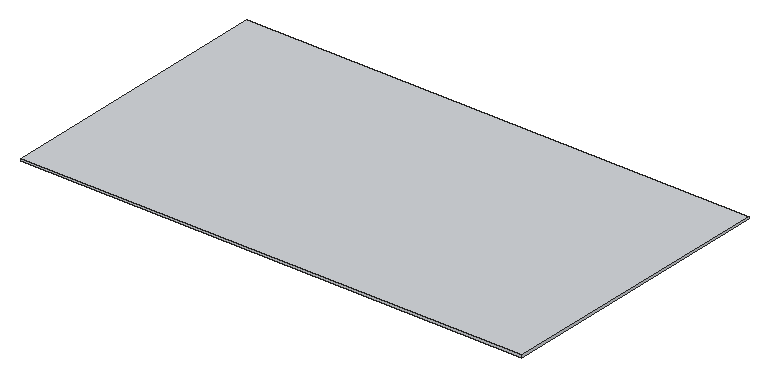
Revit family "LA2 Connected Rings", category Lighting Fixtures, host Face, Revit 2014 (continued)
Nested families (in)
  nested 5: "la2-connect canopy" at (5.54331, 92.83465, -1.428) x (0.9982, -0.0596, 0) z (0, 0, 1), visible <- "16", type "la2-connect canopy"
  nested 6: "la2-connect canopy" at (83.16882, 41.61668, -1.428) x (0.4475, -0.8943, 0) z (0, 0, 1), visible <- "16", type "la2-connect canopy"
  nested 7: "la2-connect canopy" at (77.62551, -51.21797, -1.428) x (-0.5507, -0.8347, 0) z (0, 0, 1), visible <- "16", type "la2-connect canopy"
  nested 8: "la2-connect canopy" at (-5.54331, -92.83465, -1.428) x (-0.9982, 0.0596, 0) z (0, 0, 1), visible <- "16", type "la2-connect canopy"
  nested 9: "la2-connect canopy" at (-83.16882, -41.61668, -1.428) x (-0.4475, 0.8943, 0) z (0, 0, 1), visible <- "16", type "la2-connect canopy"
  nested 10: "la2-connect canopy" at (-77.62551, 51.21797, -1.428) x (0.5507, 0.8347, 0) z (0, 0, 1), visible <- "16", type "la2-connect canopy"
  nested 11: "la2-connect canopy" at (20.28667, -78.41844, -1.428) x (-0.5507, -0.8347, 0) z (0, 0, 1), visible <- "14", type "la2-connect canopy"
  nested 12: "la2-connect canopy" at (-78.41844, -20.28667, -1.428) x (-0.8347, 0.5507, 0) z (0, 0, 1), visible <- "14", type "la2-connect canopy"
  nested 13: "la2-connect canopy" at (-20.28667, 78.41844, -1.428) x (0.5507, 0.8347, 0) z (0, 0, 1), visible <- "14", type "la2-connect canopy"
  nested 14: "la2-connect canopy" at (78.41844, 20.28667, -1.428) x (0.8347, -0.5507, 0) z (0, 0, 1), visible <- "14", type "la2-connect canopy"
  nested 15: "la2-connect canopy" at (17.88847, -66.64085, -1.428) x (-0.5507, -0.8347, 0) z (0, 0, 1), visible <- "12'", type "la2-connect canopy"
  nested 16: "la2-connect canopy" at (-66.64085, -17.88847, -1.428) x (-0.8347, 0.5507, 0) z (0, 0, 1), visible <- "12'", type "la2-connect canopy"
  nested 17: "la2-connect canopy" at (-17.88847, 66.64085, -1.428) x (0.5507, 0.8347, 0) z (0, 0, 1), visible <- "12'", type "la2-connect canopy"
  nested 18: "la2-connect canopy" at (66.64085, 17.88847, -1.428) x (0.8347, -0.5507, 0) z (0, 0, 1), visible <- "12'", type "la2-connect canopy"
  nested 19: "la2-connect canopy" at (14.77743, -55.05114, -1.428) x (-0.5507, -0.8347, 0) z (0, 0, 1), visible <- "10'", type "la2-connect canopy"
  nested 20: "la2-connect canopy" at (-55.05114, -14.77743, -1.428) x (-0.8347, 0.5507, 0) z (0, 0, 1), visible <- "10'", type "la2-connect canopy"
  nested 21: "la2-connect canopy" at (-14.77743, 55.05114, -1.428) x (0.5507, 0.8347, 0) z (0, 0, 1), visible <- "10'", type "la2-connect canopy"
  nested 22: "la2-connect canopy" at (55.05114, 14.77743, -1.428) x (0.8347, -0.5507, 0) z (0, 0, 1), visible <- "10'", type "la2-connect canopy"
  nested 23: "la2-connect canopy" at (11.62147, -43.47355, -1.428) x (-0.5508, -0.8346, 0) z (0, 0, 1), visible <- "8'", type "la2-connect canopy"
  nested 24: "la2-connect canopy" at (-11.62147, 43.47355, -1.428) x (0.5508, 0.8346, 0) z (0, 0, 1), visible <- "8'", type "la2-connect canopy"
  nested 25: "la2-connect canopy" at (-16.49627, 28.47046, -1.428) x (0.5508, 0.8346, 0) z (0, 0, 1), visible <- "6'", type "la2-connect canopy"
  nested 26: "la2-connect canopy" at (16.49627, -28.47046, -1.428) x (-0.5508, -0.8346, 0) z (0, 0, 1), visible <- "6'", type "la2-connect canopy"
Definition of nested family "LA2"
  Parameters (values of type "8'")
    Shade = 3form Varia Ecoresin
    Diffuser = White Opal Acrylic
    8' = no
    6' = no
    10' = yes
  Reference planes (in)
    plane 1 "Center (Front/Back)": y = 0
    plane 2: z = 0
    plane 3 "Center (Left/Right)": x = 0
  Forms (in)
    Extrusion 1, solid, material "3form Varia Ecoresin" <- "Shade", visible <- "6'", detail levels medium+fine
      sketch origin (0, 0, -66.3845) x (1, 0, 0) y (0, 1, 0)
        loop
          arc (-31.1256, -18.08859) -> (-18.01326, -31.16925) -> (-0.133, -35.99975) r 36
          arc (-0.133, -35.99975) -> (-0.09975, -35.98609) -> (-0.08595, -35.95288) r 0.04688
          line (-0.08595, -35.95288) -> (-0.08595, -35.54551)
          arc (-0.08595, -35.54551) -> (0, -35.45955) -> (0.08595, -35.54551) r 0.08595
          line (0.08595, -35.54551) -> (0.08595, -35.95288)
          arc (0.08595, -35.95288) -> (0.09975, -35.98609) -> (0.133, -35.99975) r 0.04688
          arc (0.133, -35.99975) -> (17.34548, -31.54575) -> (30.32722, -19.39741) r 36
          arc (30.32722, -19.39741) -> (34.53399, -10.16876) -> (35.99975, -0.133) r 36
          arc (35.99975, -0.133) -> (35.98609, -0.09975) -> (35.95288, -0.08595) r 0.04688
          line (35.95288, -0.08595) -> (35.54551, -0.08595)
          arc (35.54551, -0.08595) -> (35.45955, 0) -> (35.54551, 0.08595) r 0.08595
          line (35.54551, 0.08595) -> (35.95288, 0.08595)
          arc (35.95288, 0.08595) -> (35.98609, 0.09975) -> (35.99975, 0.133) r 0.04688
          arc (35.99975, 0.133) -> (25.45584, 25.45584) -> (0.133, 35.99975) r 36
          arc (0.133, 35.99975) -> (0.09975, 35.98609) -> (0.08595, 35.95288) r 0.04688
          line (0.08595, 35.95288) -> (0.08595, 35.54551)
          arc (0.08595, 35.54551) -> (0, 35.45955) -> (-0.08595, 35.54551) r 0.08595
          line (-0.08595, 35.54551) -> (-0.08595, 35.95288)
          arc (-0.08595, 35.95288) -> (-0.09975, 35.98609) -> (-0.133, 35.99975) r 0.04688
          arc (-0.133, 35.99975) -> (-25.45584, 25.45584) -> (-35.99975, 0.133) r 36
          arc (-35.99975, 0.133) -> (-35.98609, 0.09975) -> (-35.95288, 0.08595) r 0.04688
          line (-35.95288, 0.08595) -> (-35.54551, 0.08595)
          arc (-35.54551, 0.08595) -> (-35.45955, 0) -> (-35.54551, -0.08595) r 0.08595
          line (-35.54551, -0.08595) -> (-35.95288, -0.08595)
          arc (-35.95288, -0.08595) -> (-35.98609, -0.09975) -> (-35.99975, -0.133) r 0.04688
          arc (-35.99975, -0.133) -> (-34.74268, -9.43111) -> (-31.1256, -18.08859) r 36
        loop
          arc (-0.13224, 29.99971) -> (-21.21293, 21.21347) -> (-29.99971, 0.133) r 30
          arc (-29.99971, 0.133) -> (-30.01351, 0.09961) -> (-30.04658, 0.08595) r 0.04688
          line (-30.04658, 0.08595) -> (-30.45395, 0.08595)
          arc (-30.45395, 0.08595) -> (-30.5399, 0) -> (-30.45395, -0.08595) r 0.08595
          line (-30.45395, -0.08595) -> (-30.04658, -0.08595)
          arc (-30.04658, -0.08595) -> (-30.01351, -0.09961) -> (-29.99971, -0.13262) r 0.04688
          arc (-29.99971, -0.13262) -> (-28.88389, -8.10686) -> (-25.68715, -15.49743) r 30
          arc (-25.68715, -15.49743) -> (-14.80706, -26.0912) -> (-0.133, -29.99971) r 30
          arc (-0.133, -29.99971) -> (-0.09961, -30.01351) -> (-0.08595, -30.04658) r 0.04688
          line (-0.08595, -30.04658) -> (-0.08595, -30.45395)
          arc (-0.08595, -30.45395) -> (0, -30.5399) -> (0.08595, -30.45395) r 0.08595
          line (0.08595, -30.45395) -> (0.08595, -30.04658)
          arc (0.08595, -30.04658) -> (0.09961, -30.01351) -> (0.13262, -29.99971) r 0.04688
          arc (0.13262, -29.99971) -> (14.2583, -26.39509) -> (25.01678, -16.5578) r 30
          arc (25.01678, -16.5578) -> (28.70796, -8.70937) -> (29.99971, -0.133) r 30
          arc (29.99971, -0.133) -> (30.01351, -0.09961) -> (30.04658, -0.08595) r 0.04688
          line (30.04658, -0.08595) -> (30.45395, -0.08595)
          arc (30.45395, -0.08595) -> (30.5399, 0) -> (30.45395, 0.08595) r 0.08595
          line (30.45395, 0.08595) -> (30.04658, 0.08595)
          arc (30.04658, 0.08595) -> (30.01351, 0.09961) -> (29.99971, 0.13262) r 0.04688
          arc (29.99971, 0.13262) -> (21.21293, 21.21347) -> (0.13224, 29.99971) r 30
          arc (0.13224, 29.99971) -> (0.09961, 30.01351) -> (0.08595, 30.04658) r 0.04688
          line (0.08595, 30.04658) -> (0.08595, 30.45395)
          arc (0.08595, 30.45395) -> (0, 30.5399) -> (-0.08595, 30.45395) r 0.08595
          line (-0.08595, 30.45395) -> (-0.08595, 30.04658)
          arc (-0.08595, 30.04658) -> (-0.09961, 30.01351) -> (-0.13224, 29.99971) r 0.04688
        loop
          arc (35.87438, 0.21095) -> (25.36746, 25.36746) -> (0.21095, 35.87438) r 35.875
          line (0.21095, 35.87438) -> (0.21095, 35.54551)
          arc (0.21095, 35.54551) -> (0, 35.33455) -> (-0.21095, 35.54551) r 0.21095
          line (-0.21095, 35.54551) -> (-0.21095, 35.87438)
          arc (-0.21095, 35.87438) -> (-25.36746, 25.36746) -> (-35.87438, 0.21095) r 35.875
          line (-35.87438, 0.21095) -> (-35.54551, 0.21095)
          arc (-35.54551, 0.21095) -> (-35.33455, 0) -> (-35.54551, -0.21095) r 0.21095
          line (-35.54551, -0.21095) -> (-35.87438, -0.21095)
          arc (-35.87438, -0.21095) -> (-25.36746, -25.36746) -> (-0.21095, -35.87438) r 35.875
          line (-0.21095, -35.87438) -> (-0.21095, -35.54551)
          arc (-0.21095, -35.54551) -> (0, -35.33455) -> (0.21095, -35.54551) r 0.21095
          line (0.21095, -35.54551) -> (0.21095, -35.87438)
          arc (0.21095, -35.87438) -> (25.36746, -25.36746) -> (35.87438, -0.21095) r 35.875
          line (35.87438, -0.21095) -> (35.54551, -0.21095)
          arc (35.54551, -0.21095) -> (35.33455, 0) -> (35.54551, 0.21095) r 0.21095
          line (35.54551, 0.21095) -> (35.87438, 0.21095)
        loop
          arc (30.12426, 0.21095) -> (21.30159, 21.30159) -> (0.21095, 30.12426) r 30.125
          line (0.21095, 30.12426) -> (0.21095, 30.45395)
          arc (0.21095, 30.45395) -> (0, 30.6649) -> (-0.21095, 30.45395) r 0.21095
          line (-0.21095, 30.45395) -> (-0.21095, 30.12426)
          arc (-0.21095, 30.12426) -> (-21.30159, 21.30159) -> (-30.12426, 0.21095) r 30.125
          line (-30.12426, 0.21095) -> (-30.45395, 0.21095)
          arc (-30.45395, 0.21095) -> (-30.6649, 0) -> (-30.45395, -0.21095) r 0.21095
          line (-30.45395, -0.21095) -> (-30.12426, -0.21095)
          arc (-30.12426, -0.21095) -> (-21.30159, -21.30159) -> (-0.21095, -30.12426) r 30.125
          line (-0.21095, -30.12426) -> (-0.21095, -30.45395)
          arc (-0.21095, -30.45395) -> (0, -30.6649) -> (0.21095, -30.45395) r 0.21095
          line (0.21095, -30.45395) -> (0.21095, -30.12426)
          arc (0.21095, -30.12426) -> (14.35174, -26.48666) -> (25.12101, -16.6268) r 30.125
          arc (25.12101, -16.6268) -> (28.81632, -8.78269) -> (30.12426, -0.21095) r 30.125
          line (30.12426, -0.21095) -> (30.45395, -0.21095)
          arc (30.45395, -0.21095) -> (30.6649, 0) -> (30.45395, 0.21095) r 0.21095
          line (30.45395, 0.21095) -> (30.12426, 0.21095)
      from 66.43137 to 74.33762
    Extrusion 2, solid, material "3form Varia Ecoresin" <- "Shade", visible <- "8'", detail levels medium+fine
      sketch origin (0, 0, -66.3845) x (1, 0, 0) y (0, 1, 0)
        loop
          arc (-41.48027, -24.15341) -> (-24, -41.56922) -> (-0.17734, -47.99967) r 48
          arc (-0.17734, -47.99967) -> (-0.13299, -47.98145) -> (-0.11461, -47.93717) r 0.0625
          line (-0.11461, -47.93717) -> (-0.11461, -47.39401)
          arc (-0.11461, -47.39401) -> (0, -47.27941) -> (0.11461, -47.39401) r 0.11461
          line (0.11461, -47.39401) -> (0.11461, -47.93717)
          arc (0.11461, -47.93717) -> (0.13299, -47.98145) -> (0.17734, -47.99967) r 0.0625
          arc (0.17734, -47.99967) -> (23.12731, -42.061) -> (40.4363, -25.86321) r 48
          arc (40.4363, -25.86321) -> (40.9672, -25.01376) -> (41.48027, -24.15341) r 48
          arc (41.48027, -24.15341) -> (41.48666, -24.1059) -> (41.45751, -24.06784) r 0.0625
          line (41.45751, -24.06784) -> (40.98712, -23.79626)
          arc (40.98712, -23.79626) -> (40.94517, -23.6397) -> (41.10172, -23.59775) r 0.11461
          line (41.10172, -23.59775) -> (41.57211, -23.86933)
          arc (41.57211, -23.86933) -> (41.61965, -23.87555) -> (41.6576, -23.84626) r 0.0625
          arc (41.6576, -23.84626) -> (46.23307, -12.90361) -> (47.98566, -1.1731) r 48
          arc (47.98566, -1.1731) -> (46.53462, 11.76984) -> (41.6576, 23.84626) r 48
          arc (41.6576, 23.84626) -> (41.61965, 23.87555) -> (41.57211, 23.86933) r 0.0625
          line (41.57211, 23.86933) -> (41.10172, 23.59775)
          arc (41.10172, 23.59775) -> (40.94517, 23.6397) -> (40.98712, 23.79626) r 0.11461
          line (40.98712, 23.79626) -> (41.45751, 24.06784)
          arc (41.45751, 24.06784) -> (41.48666, 24.1059) -> (41.48027, 24.15341) r 0.0625
          arc (41.48027, 24.15341) -> (24, 41.56922) -> (0.17734, 47.99967) r 48
          arc (0.17734, 47.99967) -> (0.13299, 47.98145) -> (0.11461, 47.93717) r 0.0625
          line (0.11461, 47.93717) -> (0.11461, 47.39401)
          arc (0.11461, 47.39401) -> (0, 47.27941) -> (-0.11461, 47.39401) r 0.11461
          line (-0.11461, 47.39401) -> (-0.11461, 47.93717)
          arc (-0.11461, 47.93717) -> (-0.13299, 47.98145) -> (-0.17734, 47.99967) r 0.0625
          arc (-0.17734, 47.99967) -> (-24, 41.56922) -> (-41.48027, 24.15341) r 48
          arc (-41.48027, 24.15341) -> (-41.48666, 24.1059) -> (-41.45751, 24.06784) r 0.0625
          line (-41.45751, 24.06784) -> (-40.98712, 23.79626)
          arc (-40.98712, 23.79626) -> (-40.94517, 23.6397) -> (-41.10172, 23.59775) r 0.11461
          line (-41.10172, 23.59775) -> (-41.57211, 23.86933)
          arc (-41.57211, 23.86933) -> (-41.61965, 23.87555) -> (-41.6576, 23.84626) r 0.0625
          arc (-41.6576, 23.84626) -> (-46.43617, 12.15245) -> (-47.99847, -0.38306) r 48
          arc (-47.99847, -0.38306) -> (-46.33771, -12.52264) -> (-41.6576, -23.84626) r 48
          arc (-41.6576, -23.84626) -> (-41.61965, -23.87555) -> (-41.57211, -23.86933) r 0.0625
          line (-41.57211, -23.86933) -> (-41.10172, -23.59775)
          arc (-41.10172, -23.59775) -> (-40.94517, -23.6397) -> (-40.98712, -23.79626) r 0.11461
          line (-40.98712, -23.79626) -> (-41.45751, -24.06784)
          arc (-41.45751, -24.06784) -> (-41.48666, -24.1059) -> (-41.48027, -24.15341) r 0.0625
        loop
          arc (-0.18514, 41.99959) -> (-20.99954, 36.37333) -> (-36.27961, 21.16105) r 42
          arc (-36.27961, 21.16105) -> (-36.31972, 21.13023) -> (-36.36937, 21.13682) r 0.06563
          line (-36.36937, 21.13682) -> (-36.86328, 21.42198)
          arc (-36.86328, 21.42198) -> (-37.02767, 21.37793) -> (-36.98362, 21.21355) r 0.12034
          line (-36.98362, 21.21355) -> (-36.48971, 20.92839)
          arc (-36.48971, 20.92839) -> (-36.45917, 20.88868) -> (-36.46555, 20.839) r 0.06563
          arc (-36.46555, 20.839) -> (-40.63976, 10.60235) -> (-41.99838, -0.36832) r 42
          arc (-41.99838, -0.36832) -> (-40.54508, -10.95885) -> (-36.46528, -20.83946) r 42
          arc (-36.46528, -20.83946) -> (-36.45917, -20.88868) -> (-36.48971, -20.92839) r 0.06563
          line (-36.48971, -20.92839) -> (-36.98362, -21.21355)
          arc (-36.98362, -21.21355) -> (-37.02767, -21.37793) -> (-36.86328, -21.42198) r 0.12034
          line (-36.86328, -21.42198) -> (-36.36937, -21.13682)
          arc (-36.36937, -21.13682) -> (-36.31972, -21.13023) -> (-36.27987, -21.16059) r 0.06563
          arc (-36.27987, -21.16059) -> (-36.12207, -21.42885) -> (-35.96201, -21.6964) r 42
          arc (-35.96201, -21.6964) -> (-20.97495, -36.38752) -> (-0.7508, -41.99329) r 42
          arc (-0.7508, -41.99329) -> (-0.46798, -41.99739) -> (-0.18514, -41.99959) r 42
          arc (-0.18514, -41.99959) -> (-0.13946, -42.01891) -> (-0.12034, -42.06521) r 0.06563
          line (-0.12034, -42.06521) -> (-0.12034, -42.63553)
          arc (-0.12034, -42.63553) -> (0, -42.75587) -> (0.12034, -42.63553) r 0.12034
          line (0.12034, -42.63553) -> (0.12034, -42.06521)
          arc (0.12034, -42.06521) -> (0.13946, -42.01891) -> (0.18567, -41.99959) r 0.06563
          arc (0.18567, -41.99959) -> (19.96162, -36.95313) -> (35.02349, -23.18093) r 42
          arc (35.02349, -23.18093) -> (35.66585, -22.17988) -> (36.27961, -21.16105) r 42
          arc (36.27961, -21.16105) -> (36.31972, -21.13023) -> (36.36937, -21.13682) r 0.06563
          line (36.36937, -21.13682) -> (36.86328, -21.42198)
          arc (36.86328, -21.42198) -> (37.02767, -21.37793) -> (36.98362, -21.21355) r 0.12034
          line (36.98362, -21.21355) -> (36.48971, -20.92839)
          arc (36.48971, -20.92839) -> (36.45917, -20.88868) -> (36.46555, -20.839) r 0.06563
          arc (36.46555, -20.839) -> (40.60587, -10.73144) -> (41.99988, 0.1014) r 42
          arc (41.99988, 0.1014) -> (40.5797, 10.82995) -> (36.46528, 20.83946) r 42
          arc (36.46528, 20.83946) -> (36.45917, 20.88868) -> (36.48971, 20.92839) r 0.06563
          line (36.48971, 20.92839) -> (36.98362, 21.21355)
          arc (36.98362, 21.21355) -> (37.02767, 21.37793) -> (36.86328, 21.42198) r 0.12034
          line (36.86328, 21.42198) -> (36.36937, 21.13682)
          arc (36.36937, 21.13682) -> (36.31972, 21.13023) -> (36.27987, 21.16059) r 0.06563
          arc (36.27987, 21.16059) -> (20.99954, 36.37333) -> (0.18514, 41.99959) r 42
          arc (0.18514, 41.99959) -> (0.13946, 42.01891) -> (0.12034, 42.06521) r 0.06563
          line (0.12034, 42.06521) -> (0.12034, 42.63553)
          arc (0.12034, 42.63553) -> (0, 42.75587) -> (-0.12034, 42.63553) r 0.12034
          line (-0.12034, 42.63553) -> (-0.12034, 42.06521)
          arc (-0.12034, 42.06521) -> (-0.13946, 42.01891) -> (-0.18514, 41.99959) r 0.06563
        loop
          arc (-0.23961, 47.8744) -> (-23.9375, 41.46097) -> (-41.34064, 24.14471) r 47.875
          line (-41.34064, 24.14471) -> (-40.92462, 23.90451)
          arc (-40.92462, 23.90451) -> (-40.83691, 23.5772) -> (-41.16422, 23.4895) r 0.23961
          line (-41.16422, 23.4895) -> (-41.58025, 23.72969)
          arc (-41.58025, 23.72969) -> (-47.875, 0) -> (-41.58025, -23.72969) r 47.875
          line (-41.58025, -23.72969) -> (-41.16422, -23.4895)
          arc (-41.16422, -23.4895) -> (-40.83691, -23.5772) -> (-40.92462, -23.90451) r 0.23961
          line (-40.92462, -23.90451) -> (-41.34064, -24.14471)
          arc (-41.34064, -24.14471) -> (-23.9375, -41.46097) -> (-0.23961, -47.8744) r 47.875
          line (-0.23961, -47.8744) -> (-0.23961, -47.39401)
          arc (-0.23961, -47.39401) -> (0, -47.15441) -> (0.23961, -47.39401) r 0.23961
          line (0.23961, -47.39401) -> (0.23961, -47.8744)
          arc (0.23961, -47.8744) -> (23.9375, -41.46097) -> (41.34064, -24.14471) r 47.875
          line (41.34064, -24.14471) -> (40.92462, -23.90451)
          arc (40.92462, -23.90451) -> (40.83691, -23.5772) -> (41.16422, -23.4895) r 0.23961
          line (41.16422, -23.4895) -> (41.58025, -23.72969)
          arc (41.58025, -23.72969) -> (47.875, 0) -> (41.58025, 23.72969) r 47.875
          line (41.58025, 23.72969) -> (41.16422, 23.4895)
          arc (41.16422, 23.4895) -> (40.83691, 23.5772) -> (40.92462, 23.90451) r 0.23961
          line (40.92462, 23.90451) -> (41.34064, 24.14471)
          arc (41.34064, 24.14471) -> (23.9375, 41.46097) -> (0.23961, 47.8744) r 47.875
          line (0.23961, 47.8744) -> (0.23961, 47.39401)
          arc (0.23961, 47.39401) -> (0, 47.15441) -> (-0.23961, 47.39401) r 0.23961
          line (-0.23961, 47.39401) -> (-0.23961, 47.8744)
        loop
          arc (-36.60337, 20.84967) -> (-42.125, 0) -> (-36.60337, -20.84967) r 42.125
          line (-36.60337, -20.84967) -> (-37.04612, -21.1053)
          arc (-37.04612, -21.1053) -> (-37.13592, -21.44043) -> (-36.80078, -21.53023) r 0.24534
          line (-36.80078, -21.53023) -> (-36.35803, -21.27461)
          arc (-36.35803, -21.27461) -> (-21.0625, -36.48132) -> (-0.24534, -42.12429) r 42.125
          line (-0.24534, -42.12429) -> (-0.24534, -42.63553)
          arc (-0.24534, -42.63553) -> (0, -42.88087) -> (0.24534, -42.63553) r 0.24534
          line (0.24534, -42.63553) -> (0.24534, -42.12429)
          arc (0.24534, -42.12429) -> (21.0625, -36.48132) -> (36.35803, -21.27461) r 42.125
          line (36.35803, -21.27461) -> (36.80078, -21.53023)
          arc (36.80078, -21.53023) -> (37.13592, -21.44043) -> (37.04612, -21.1053) r 0.24534
          line (37.04612, -21.1053) -> (36.60337, -20.84967)
          arc (36.60337, -20.84967) -> (42.125, 0) -> (36.60337, 20.84967) r 42.125
          line (36.60337, 20.84967) -> (37.04612, 21.1053)
          arc (37.04612, 21.1053) -> (37.13592, 21.44043) -> (36.80078, 21.53023) r 0.24534
          line (36.80078, 21.53023) -> (36.35803, 21.27461)
          arc (36.35803, 21.27461) -> (21.0625, 36.48132) -> (0.24534, 42.12429) r 42.125
          line (0.24534, 42.12429) -> (0.24534, 42.63553)
          arc (0.24534, 42.63553) -> (0, 42.88087) -> (-0.24534, 42.63553) r 0.24534
          line (-0.24534, 42.63553) -> (-0.24534, 42.12429)
          arc (-0.24534, 42.12429) -> (-21.0625, 36.48132) -> (-36.35803, 21.27461) r 42.125
          line (-36.35803, 21.27461) -> (-36.80078, 21.53023)
          arc (-36.80078, 21.53023) -> (-37.13592, 21.44043) -> (-37.04612, 21.1053) r 0.24534
          line (-37.04612, 21.1053) -> (-36.60337, 20.84967)
      from 66.43137 to 74.33762
    Extrusion 3, solid, material "3form Varia Ecoresin" <- "Shade", visible <- "10'", detail levels medium+fine
      sketch origin (0, 0, -66.3845) x (1, 0, 0) y (0, 1, 0)
        loop
          arc (-51.85033, -30.19177) -> (-30, -51.96152) -> (-0.22167, -59.99959) r 60
          arc (-0.22167, -59.99959) -> (-0.16624, -59.97681) -> (-0.14326, -59.92147) r 0.07813
          line (-0.14326, -59.92147) -> (-0.14326, -59.24252)
          arc (-0.14326, -59.24252) -> (0, -59.09926) -> (0.14326, -59.24252) r 0.14326
          line (0.14326, -59.24252) -> (0.14326, -59.92147)
          arc (0.14326, -59.92147) -> (0.16624, -59.97681) -> (0.22167, -59.99959) r 0.07813
          arc (0.22167, -59.99959) -> (28.90914, -52.57625) -> (50.54537, -32.32901) r 60
          arc (50.54537, -32.32901) -> (51.209, -31.2672) -> (51.85033, -30.19177) r 60
          arc (51.85033, -30.19177) -> (51.85832, -30.13238) -> (51.82188, -30.0848) r 0.07813
          line (51.82188, -30.0848) -> (51.23389, -29.74532)
          arc (51.23389, -29.74532) -> (51.18146, -29.54963) -> (51.37715, -29.49719) r 0.14326
          line (51.37715, -29.49719) -> (51.96514, -29.83667)
          arc (51.96514, -29.83667) -> (52.02456, -29.84444) -> (52.07201, -29.80782) r 0.07813
          arc (52.07201, -29.80782) -> (57.79134, -16.12951) -> (59.98208, -1.46638) r 60
          arc (59.98208, -1.46638) -> (58.16828, 14.7123) -> (52.07201, 29.80782) r 60
          arc (52.07201, 29.80782) -> (52.02456, 29.84444) -> (51.96514, 29.83667) r 0.07813
          line (51.96514, 29.83667) -> (51.37715, 29.49719)
          arc (51.37715, 29.49719) -> (51.18146, 29.54963) -> (51.23389, 29.74532) r 0.14326
          line (51.23389, 29.74532) -> (51.82188, 30.0848)
          arc (51.82188, 30.0848) -> (51.85832, 30.13238) -> (51.85033, 30.19177) r 0.07813
          arc (51.85033, 30.19177) -> (30, 51.96152) -> (0.22167, 59.99959) r 60
          arc (0.22167, 59.99959) -> (0.16624, 59.97681) -> (0.14326, 59.92147) r 0.07813
          line (0.14326, 59.92147) -> (0.14326, 59.24252)
          arc (0.14326, 59.24252) -> (0, 59.09926) -> (-0.14326, 59.24252) r 0.14326
          line (-0.14326, 59.24252) -> (-0.14326, 59.92147)
          arc (-0.14326, 59.92147) -> (-0.16624, 59.97681) -> (-0.22167, 59.99959) r 0.07813
          arc (-0.22167, 59.99959) -> (-30, 51.96152) -> (-51.85033, 30.19177) r 60
          arc (-51.85033, 30.19177) -> (-51.85832, 30.13238) -> (-51.82188, 30.0848) r 0.07813
          line (-51.82188, 30.0848) -> (-51.23389, 29.74532)
          arc (-51.23389, 29.74532) -> (-51.18146, 29.54963) -> (-51.37715, 29.49719) r 0.14326
          line (-51.37715, 29.49719) -> (-51.96514, 29.83667)
          arc (-51.96514, 29.83667) -> (-52.02456, 29.84444) -> (-52.07201, 29.80782) r 0.07813
          arc (-52.07201, 29.80782) -> (-58.04521, 15.19056) -> (-59.99809, -0.47883) r 60
          arc (-59.99809, -0.47883) -> (-57.92214, -15.65331) -> (-52.07201, -29.80782) r 60
          arc (-52.07201, -29.80782) -> (-52.02456, -29.84444) -> (-51.96514, -29.83667) r 0.07813
          line (-51.96514, -29.83667) -> (-51.37715, -29.49719)
          arc (-51.37715, -29.49719) -> (-51.18146, -29.54963) -> (-51.23389, -29.74532) r 0.14326
          line (-51.23389, -29.74532) -> (-51.82188, -30.0848)
          arc (-51.82188, -30.0848) -> (-51.85832, -30.13238) -> (-51.85033, -30.19177) r 0.07813
        loop
          arc (-0.23804, 53.99948) -> (-26.99941, 46.76571) -> (-46.64521, 27.20707) r 54
          arc (-46.64521, 27.20707) -> (-46.69678, 27.16743) -> (-46.76062, 27.17591) r 0.08438
          line (-46.76062, 27.17591) -> (-47.39565, 27.54255)
          arc (-47.39565, 27.54255) -> (-47.607, 27.48591) -> (-47.55037, 27.27456) r 0.15472
          line (-47.55037, 27.27456) -> (-46.91534, 26.90793)
          arc (-46.91534, 26.90793) -> (-46.87608, 26.85688) -> (-46.88427, 26.793) r 0.08438
          arc (-46.88427, 26.793) -> (-52.25112, 13.63159) -> (-53.99792, -0.47356) r 54
          arc (-53.99792, -0.47356) -> (-52.12939, -14.08995) -> (-46.88394, -26.79359) r 54
          arc (-46.88394, -26.79359) -> (-46.87608, -26.85688) -> (-46.91534, -26.90793) r 0.08438
          line (-46.91534, -26.90793) -> (-47.55037, -27.27456)
          arc (-47.55037, -27.27456) -> (-47.607, -27.48591) -> (-47.39565, -27.54255) r 0.15472
          line (-47.39565, -27.54255) -> (-46.76062, -27.17591)
          arc (-46.76062, -27.17591) -> (-46.69678, -27.16743) -> (-46.64555, -27.20647) r 0.08438
          arc (-46.64555, -27.20647) -> (-46.44267, -27.55138) -> (-46.23687, -27.89537) r 54
          arc (-46.23687, -27.89537) -> (-26.9678, -46.78395) -> (-0.96532, -53.99137) r 54
          arc (-0.96532, -53.99137) -> (-0.60169, -53.99665) -> (-0.23804, -53.99948) r 54
          arc (-0.23804, -53.99948) -> (-0.1793, -54.02431) -> (-0.15472, -54.08384) r 0.08438
          line (-0.15472, -54.08384) -> (-0.15472, -54.81711)
          arc (-0.15472, -54.81711) -> (0, -54.97183) -> (0.15472, -54.81711) r 0.15472
          line (0.15472, -54.81711) -> (0.15472, -54.08384)
          arc (0.15472, -54.08384) -> (0.1793, -54.02431) -> (0.23872, -53.99947) r 0.08438
          arc (0.23872, -53.99947) -> (25.66493, -47.51117) -> (45.0302, -29.80405) r 54
          arc (45.0302, -29.80405) -> (45.85609, -28.51699) -> (46.64521, -27.20707) r 54
          arc (46.64521, -27.20707) -> (46.69678, -27.16743) -> (46.76062, -27.17591) r 0.08438
          line (46.76062, -27.17591) -> (47.39565, -27.54255)
          arc (47.39565, -27.54255) -> (47.607, -27.48591) -> (47.55037, -27.27456) r 0.15472
          line (47.55037, -27.27456) -> (46.91534, -26.90793)
          arc (46.91534, -26.90793) -> (46.87608, -26.85688) -> (46.88427, -26.793) r 0.08438
          arc (46.88427, -26.793) -> (52.20754, -13.79756) -> (53.99984, 0.13037) r 54
          arc (53.99984, 0.13037) -> (52.1739, 13.92422) -> (46.88394, 26.79359) r 54
          arc (46.88394, 26.79359) -> (46.87608, 26.85688) -> (46.91534, 26.90793) r 0.08438
          line (46.91534, 26.90793) -> (47.55037, 27.27456)
          arc (47.55037, 27.27456) -> (47.607, 27.48591) -> (47.39565, 27.54255) r 0.15472
          line (47.39565, 27.54255) -> (46.76062, 27.17591)
          arc (46.76062, 27.17591) -> (46.69678, 27.16743) -> (46.64555, 27.20647) r 0.08438
          arc (46.64555, 27.20647) -> (27, 46.76537) -> (0.23941, 53.99947) r 54
          arc (0.23941, 53.99947) -> (0.1793, 54.02431) -> (0.15472, 54.08384) r 0.08438
          line (0.15472, 54.08384) -> (0.15472, 54.81711)
          arc (0.15472, 54.81711) -> (0, 54.97183) -> (-0.15472, 54.81711) r 0.15472
          line (-0.15472, 54.81711) -> (-0.15472, 54.08384)
          arc (-0.15472, 54.08384) -> (-0.1793, 54.02431) -> (-0.23804, 53.99948) r 0.08438
        loop
          arc (-0.26826, 59.8744) -> (-29.9375, 51.85327) -> (-51.71862, 30.16952) r 59.875
          line (-51.71862, 30.16952) -> (-51.17139, 29.85358)
          arc (-51.17139, 29.85358) -> (-51.07321, 29.48713) -> (-51.43965, 29.38894) r 0.26826
          line (-51.43965, 29.38894) -> (-51.98688, 29.70488)
          arc (-51.98688, 29.70488) -> (-59.875, 0) -> (-51.98688, -29.70488) r 59.875
          line (-51.98688, -29.70488) -> (-51.43965, -29.38894)
          arc (-51.43965, -29.38894) -> (-51.07321, -29.48713) -> (-51.17139, -29.85358) r 0.26826
          line (-51.17139, -29.85358) -> (-51.71862, -30.16952)
          arc (-51.71862, -30.16952) -> (-29.9375, -51.85327) -> (-0.26826, -59.8744) r 59.875
          line (-0.26826, -59.8744) -> (-0.26826, -59.24252)
          arc (-0.26826, -59.24252) -> (0, -58.97426) -> (0.26826, -59.24252) r 0.26826
          line (0.26826, -59.24252) -> (0.26826, -59.8744)
          arc (0.26826, -59.8744) -> (29.9375, -51.85327) -> (51.71862, -30.16952) r 59.875
          line (51.71862, -30.16952) -> (51.17139, -29.85358)
          arc (51.17139, -29.85358) -> (51.07321, -29.48713) -> (51.43965, -29.38894) r 0.26826
          line (51.43965, -29.38894) -> (51.98688, -29.70488)
          arc (51.98688, -29.70488) -> (59.875, 0) -> (51.98688, 29.70488) r 59.875
          line (51.98688, 29.70488) -> (51.43965, 29.38894)
          arc (51.43965, 29.38894) -> (51.07321, 29.48713) -> (51.17139, 29.85358) r 0.26826
          line (51.17139, 29.85358) -> (51.71862, 30.16952)
          arc (51.71862, 30.16952) -> (29.9375, 51.85327) -> (0.26826, 59.8744) r 59.875
          line (0.26826, 59.8744) -> (0.26826, 59.24252)
          arc (0.26826, 59.24252) -> (0, 58.97426) -> (-0.26826, 59.24252) r 0.26826
          line (-0.26826, 59.24252) -> (-0.26826, 59.8744)
        loop
          arc (46.73314, 27.30438) -> (27.0625, 46.87362) -> (0.27972, 54.12428) r 54.125
          line (0.27972, 54.12428) -> (0.27972, 54.81711)
          arc (0.27972, 54.81711) -> (0, 55.09683) -> (-0.27972, 54.81711) r 0.27972
          line (-0.27972, 54.81711) -> (-0.27972, 54.12428)
          arc (-0.27972, 54.12428) -> (-27.0625, 46.87362) -> (-46.73314, 27.30438) r 54.125
          line (-46.73314, 27.30438) -> (-47.33315, 27.6508)
          arc (-47.33315, 27.6508) -> (-47.71525, 27.54841) -> (-47.61287, 27.16631) r 0.27972
          line (-47.61287, 27.16631) -> (-47.01286, 26.8199)
          arc (-47.01286, 26.8199) -> (-52.37709, 13.64391) -> (-54.12292, -0.47465) r 54.125
          arc (-54.12292, -0.47465) -> (-52.25542, -14.10271) -> (-47.01286, -26.8199) r 54.125
          line (-47.01286, -26.8199) -> (-47.61287, -27.16631)
          arc (-47.61287, -27.16631) -> (-47.71525, -27.54841) -> (-47.33315, -27.6508) r 0.27972
          line (-47.33315, -27.6508) -> (-46.73314, -27.30438)
          arc (-46.73314, -27.30438) -> (-27.0625, -46.87362) -> (-0.27972, -54.12428) r 54.125
          line (-0.27972, -54.12428) -> (-0.27972, -54.81711)
          arc (-0.27972, -54.81711) -> (0, -55.09683) -> (0.27972, -54.81711) r 0.27972
          line (0.27972, -54.81711) -> (0.27972, -54.12428)
          arc (0.27972, -54.12428) -> (27.0625, -46.87362) -> (46.73314, -27.30438) r 54.125
          line (46.73314, -27.30438) -> (47.33315, -27.6508)
          arc (47.33315, -27.6508) -> (47.71525, -27.54841) -> (47.61287, -27.16631) r 0.27972
          line (47.61287, -27.16631) -> (47.01286, -26.8199)
          arc (47.01286, -26.8199) -> (54.125, 0) -> (47.01286, 26.8199) r 54.125
          line (47.01286, 26.8199) -> (47.61287, 27.16631)
          arc (47.61287, 27.16631) -> (47.71525, 27.54841) -> (47.33315, 27.6508) r 0.27972
          line (47.33315, 27.6508) -> (46.73314, 27.30438)
      from 66.43137 to 74.3845
    Extrusion 4, solid, material "3form Varia Ecoresin" <- "Shade", visible <- "10'", detail levels coarse
      sketch origin (0, 0, 0) x (1, 0, 0) y (0, 1, 0)
        loop
          circle (0, 0) r 60
        loop
          circle (0, 0) r 54
      from 0 to 8
    Extrusion 5, solid, material "3form Varia Ecoresin" <- "Shade", visible <- "8'", detail levels coarse+fine
      sketch origin (0, 0, 0) x (1, 0, 0) y (0, 1, 0)
        loop
          circle (0, 0) r 48
        loop
          circle (0, 0) r 42
      from 0 to 8
    Extrusion 6, solid, material "3form Varia Ecoresin" <- "Shade", visible <- "6'", detail levels coarse
      sketch origin (0, 0, 0) x (1, 0, 0) y (0, 1, 0)
        loop
          circle (0, 0) r 36
        loop
          circle (0, 0) r 30
      from 0 to 8
    Extrusion 7, solid, material "White Opal Acrylic" <- "Diffuser", visible <- "10'", detail levels medium+fine
      sketch origin (0, 0, -66.3845) x (1, 0, 0) y (0, 1, 0)
        loop
          arc (-51.85033, -30.19177) -> (-30, -51.96152) -> (-0.22167, -59.99959) r 60
          arc (-0.22167, -59.99959) -> (-0.16624, -59.97681) -> (-0.14326, -59.92147) r 0.07813
          line (-0.14326, -59.92147) -> (-0.14326, -59.24252)
          arc (-0.14326, -59.24252) -> (0, -59.09926) -> (0.14326, -59.24252) r 0.14326
          line (0.14326, -59.24252) -> (0.14326, -59.92147)
          arc (0.14326, -59.92147) -> (0.16624, -59.97681) -> (0.22167, -59.99959) r 0.07813
          arc (0.22167, -59.99959) -> (28.90914, -52.57625) -> (50.54537, -32.32901) r 60
          arc (50.54537, -32.32901) -> (51.209, -31.2672) -> (51.85033, -30.19177) r 60
          arc (51.85033, -30.19177) -> (51.85832, -30.13238) -> (51.82188, -30.0848) r 0.07813
          line (51.82188, -30.0848) -> (51.23389, -29.74532)
          arc (51.23389, -29.74532) -> (51.18146, -29.54963) -> (51.37715, -29.49719) r 0.14326
          line (51.37715, -29.49719) -> (51.96514, -29.83667)
          arc (51.96514, -29.83667) -> (52.02456, -29.84444) -> (52.07201, -29.80782) r 0.07813
          arc (52.07201, -29.80782) -> (57.79134, -16.12951) -> (59.98208, -1.46638) r 60
          arc (59.98208, -1.46638) -> (58.16828, 14.7123) -> (52.07201, 29.80782) r 60
          arc (52.07201, 29.80782) -> (52.02456, 29.84444) -> (51.96514, 29.83667) r 0.07813
          line (51.96514, 29.83667) -> (51.37715, 29.49719)
          arc (51.37715, 29.49719) -> (51.18146, 29.54963) -> (51.23389, 29.74532) r 0.14326
          line (51.23389, 29.74532) -> (51.82188, 30.0848)
          arc (51.82188, 30.0848) -> (51.85832, 30.13238) -> (51.85033, 30.19177) r 0.07813
          arc (51.85033, 30.19177) -> (30, 51.96152) -> (0.22167, 59.99959) r 60
          arc (0.22167, 59.99959) -> (0.16624, 59.97681) -> (0.14326, 59.92147) r 0.07813
          line (0.14326, 59.92147) -> (0.14326, 59.24252)
          arc (0.14326, 59.24252) -> (0, 59.09926) -> (-0.14326, 59.24252) r 0.14326
          line (-0.14326, 59.24252) -> (-0.14326, 59.92147)
          arc (-0.14326, 59.92147) -> (-0.16624, 59.97681) -> (-0.22167, 59.99959) r 0.07813
          arc (-0.22167, 59.99959) -> (-30, 51.96152) -> (-51.85033, 30.19177) r 60
          arc (-51.85033, 30.19177) -> (-51.85832, 30.13238) -> (-51.82188, 30.0848) r 0.07813
          line (-51.82188, 30.0848) -> (-51.23389, 29.74532)
          arc (-51.23389, 29.74532) -> (-51.18146, 29.54963) -> (-51.37715, 29.49719) r 0.14326
          line (-51.37715, 29.49719) -> (-51.96514, 29.83667)
          arc (-51.96514, 29.83667) -> (-52.02456, 29.84444) -> (-52.07201, 29.80782) r 0.07813
          arc (-52.07201, 29.80782) -> (-58.04521, 15.19056) -> (-59.99809, -0.47883) r 60
          arc (-59.99809, -0.47883) -> (-57.92214, -15.65331) -> (-52.07201, -29.80782) r 60
          arc (-52.07201, -29.80782) -> (-52.02456, -29.84444) -> (-51.96514, -29.83667) r 0.07813
          line (-51.96514, -29.83667) -> (-51.37715, -29.49719)
          arc (-51.37715, -29.49719) -> (-51.18146, -29.54963) -> (-51.23389, -29.74532) r 0.14326
          line (-51.23389, -29.74532) -> (-51.82188, -30.0848)
          arc (-51.82188, -30.0848) -> (-51.85832, -30.13238) -> (-51.85033, -30.19177) r 0.07813
        loop
          arc (-0.23804, 53.99948) -> (-26.99941, 46.76571) -> (-46.64521, 27.20707) r 54
          arc (-46.64521, 27.20707) -> (-46.69678, 27.16743) -> (-46.76062, 27.17591) r 0.08438
          line (-46.76062, 27.17591) -> (-47.39565, 27.54255)
          arc (-47.39565, 27.54255) -> (-47.607, 27.48591) -> (-47.55037, 27.27456) r 0.15472
          line (-47.55037, 27.27456) -> (-46.91534, 26.90793)
          arc (-46.91534, 26.90793) -> (-46.87608, 26.85688) -> (-46.88427, 26.793) r 0.08438
          arc (-46.88427, 26.793) -> (-52.25112, 13.63159) -> (-53.99792, -0.47356) r 54
          arc (-53.99792, -0.47356) -> (-52.12939, -14.08995) -> (-46.88394, -26.79359) r 54
          arc (-46.88394, -26.79359) -> (-46.87608, -26.85688) -> (-46.91534, -26.90793) r 0.08438
          line (-46.91534, -26.90793) -> (-47.55037, -27.27456)
          arc (-47.55037, -27.27456) -> (-47.607, -27.48591) -> (-47.39565, -27.54255) r 0.15472
          line (-47.39565, -27.54255) -> (-46.76062, -27.17591)
          arc (-46.76062, -27.17591) -> (-46.69678, -27.16743) -> (-46.64555, -27.20647) r 0.08438
          arc (-46.64555, -27.20647) -> (-46.44267, -27.55138) -> (-46.23687, -27.89537) r 54
          arc (-46.23687, -27.89537) -> (-26.9678, -46.78395) -> (-0.96532, -53.99137) r 54
          arc (-0.96532, -53.99137) -> (-0.60169, -53.99665) -> (-0.23804, -53.99948) r 54
          arc (-0.23804, -53.99948) -> (-0.1793, -54.02431) -> (-0.15472, -54.08384) r 0.08438
          line (-0.15472, -54.08384) -> (-0.15472, -54.81711)
          arc (-0.15472, -54.81711) -> (0, -54.97183) -> (0.15472, -54.81711) r 0.15472
          line (0.15472, -54.81711) -> (0.15472, -54.08384)
          arc (0.15472, -54.08384) -> (0.1793, -54.02431) -> (0.23872, -53.99947) r 0.08438
          arc (0.23872, -53.99947) -> (25.66493, -47.51117) -> (45.0302, -29.80405) r 54
          arc (45.0302, -29.80405) -> (45.85609, -28.51699) -> (46.64521, -27.20707) r 54
          arc (46.64521, -27.20707) -> (46.69678, -27.16743) -> (46.76062, -27.17591) r 0.08438
          line (46.76062, -27.17591) -> (47.39565, -27.54255)
          arc (47.39565, -27.54255) -> (47.607, -27.48591) -> (47.55037, -27.27456) r 0.15472
          line (47.55037, -27.27456) -> (46.91534, -26.90793)
          arc (46.91534, -26.90793) -> (46.87608, -26.85688) -> (46.88427, -26.793) r 0.08438
          arc (46.88427, -26.793) -> (52.20754, -13.79756) -> (53.99984, 0.13037) r 54
          arc (53.99984, 0.13037) -> (52.1739, 13.92422) -> (46.88394, 26.79359) r 54
          arc (46.88394, 26.79359) -> (46.87608, 26.85688) -> (46.91534, 26.90793) r 0.08438
          line (46.91534, 26.90793) -> (47.55037, 27.27456)
          arc (47.55037, 27.27456) -> (47.607, 27.48591) -> (47.39565, 27.54255) r 0.15472
          line (47.39565, 27.54255) -> (46.76062, 27.17591)
          arc (46.76062, 27.17591) -> (46.69678, 27.16743) -> (46.64555, 27.20647) r 0.08438
          arc (46.64555, 27.20647) -> (27, 46.76537) -> (0.23941, 53.99947) r 54
          arc (0.23941, 53.99947) -> (0.1793, 54.02431) -> (0.15472, 54.08384) r 0.08438
          line (0.15472, 54.08384) -> (0.15472, 54.81711)
          arc (0.15472, 54.81711) -> (0, 54.97183) -> (-0.15472, 54.81711) r 0.15472
          line (-0.15472, 54.81711) -> (-0.15472, 54.08384)
          arc (-0.15472, 54.08384) -> (-0.1793, 54.02431) -> (-0.23804, 53.99948) r 0.08438
      from 66.3845 to 66.43137
    Extrusion 8, solid, material "White Opal Acrylic" <- "Diffuser", visible <- "10'", detail levels medium+fine
      sketch origin (0, 0, -58.43137) x (1, 0, 0) y (0, 1, 0)
        loop
          arc (-51.85033, -30.19177) -> (-30, -51.96152) -> (-0.22167, -59.99959) r 60
          arc (-0.22167, -59.99959) -> (-0.16624, -59.97681) -> (-0.14326, -59.92147) r 0.07813
          line (-0.14326, -59.92147) -> (-0.14326, -59.24252)
          arc (-0.14326, -59.24252) -> (0, -59.09926) -> (0.14326, -59.24252) r 0.14326
          line (0.14326, -59.24252) -> (0.14326, -59.92147)
          arc (0.14326, -59.92147) -> (0.16624, -59.97681) -> (0.22167, -59.99959) r 0.07813
          arc (0.22167, -59.99959) -> (28.90914, -52.57625) -> (50.54537, -32.32901) r 60
          arc (50.54537, -32.32901) -> (51.209, -31.2672) -> (51.85033, -30.19177) r 60
          arc (51.85033, -30.19177) -> (51.85832, -30.13238) -> (51.82188, -30.0848) r 0.07813
          line (51.82188, -30.0848) -> (51.23389, -29.74532)
          arc (51.23389, -29.74532) -> (51.18146, -29.54963) -> (51.37715, -29.49719) r 0.14326
          line (51.37715, -29.49719) -> (51.96514, -29.83667)
          arc (51.96514, -29.83667) -> (52.02456, -29.84444) -> (52.07201, -29.80782) r 0.07813
          arc (52.07201, -29.80782) -> (57.79134, -16.12951) -> (59.98208, -1.46638) r 60
          arc (59.98208, -1.46638) -> (58.16828, 14.7123) -> (52.07201, 29.80782) r 60
          arc (52.07201, 29.80782) -> (52.02456, 29.84444) -> (51.96514, 29.83667) r 0.07813
          line (51.96514, 29.83667) -> (51.37715, 29.49719)
          arc (51.37715, 29.49719) -> (51.18146, 29.54963) -> (51.23389, 29.74532) r 0.14326
          line (51.23389, 29.74532) -> (51.82188, 30.0848)
          arc (51.82188, 30.0848) -> (51.85832, 30.13238) -> (51.85033, 30.19177) r 0.07813
          arc (51.85033, 30.19177) -> (30, 51.96152) -> (0.22167, 59.99959) r 60
          arc (0.22167, 59.99959) -> (0.16624, 59.97681) -> (0.14326, 59.92147) r 0.07813
          line (0.14326, 59.92147) -> (0.14326, 59.24252)
          arc (0.14326, 59.24252) -> (0, 59.09926) -> (-0.14326, 59.24252) r 0.14326
          line (-0.14326, 59.24252) -> (-0.14326, 59.92147)
          arc (-0.14326, 59.92147) -> (-0.16624, 59.97681) -> (-0.22167, 59.99959) r 0.07813
          arc (-0.22167, 59.99959) -> (-30, 51.96152) -> (-51.85033, 30.19177) r 60
          arc (-51.85033, 30.19177) -> (-51.85832, 30.13238) -> (-51.82188, 30.0848) r 0.07813
          line (-51.82188, 30.0848) -> (-51.23389, 29.74532)
          arc (-51.23389, 29.74532) -> (-51.18146, 29.54963) -> (-51.37715, 29.49719) r 0.14326
          line (-51.37715, 29.49719) -> (-51.96514, 29.83667)
          arc (-51.96514, 29.83667) -> (-52.02456, 29.84444) -> (-52.07201, 29.80782) r 0.07813
          arc (-52.07201, 29.80782) -> (-58.04521, 15.19056) -> (-59.99809, -0.47883) r 60
          arc (-59.99809, -0.47883) -> (-57.92214, -15.65331) -> (-52.07201, -29.80782) r 60
          arc (-52.07201, -29.80782) -> (-52.02456, -29.84444) -> (-51.96514, -29.83667) r 0.07813
          line (-51.96514, -29.83667) -> (-51.37715, -29.49719)
          arc (-51.37715, -29.49719) -> (-51.18146, -29.54963) -> (-51.23389, -29.74532) r 0.14326
          line (-51.23389, -29.74532) -> (-51.82188, -30.0848)
          arc (-51.82188, -30.0848) -> (-51.85832, -30.13238) -> (-51.85033, -30.19177) r 0.07813
        loop
          arc (-0.23804, 53.99948) -> (-26.99941, 46.76571) -> (-46.64521, 27.20707) r 54
          arc (-46.64521, 27.20707) -> (-46.69678, 27.16743) -> (-46.76062, 27.17591) r 0.08438
          line (-46.76062, 27.17591) -> (-47.39565, 27.54255)
          arc (-47.39565, 27.54255) -> (-47.607, 27.48591) -> (-47.55037, 27.27456) r 0.15472
          line (-47.55037, 27.27456) -> (-46.91534, 26.90793)
          arc (-46.91534, 26.90793) -> (-46.87608, 26.85688) -> (-46.88427, 26.793) r 0.08438
          arc (-46.88427, 26.793) -> (-52.25095, 13.63225) -> (-53.99792, -0.47356) r 54
          arc (-53.99792, -0.47356) -> (-52.12939, -14.08995) -> (-46.88394, -26.79359) r 54
          arc (-46.88394, -26.79359) -> (-46.87608, -26.85688) -> (-46.91534, -26.90793) r 0.08438
          line (-46.91534, -26.90793) -> (-47.55037, -27.27456)
          arc (-47.55037, -27.27456) -> (-47.607, -27.48591) -> (-47.39565, -27.54255) r 0.15472
          line (-47.39565, -27.54255) -> (-46.76062, -27.17591)
          arc (-46.76062, -27.17591) -> (-46.69678, -27.16743) -> (-46.64555, -27.20647) r 0.08438
          arc (-46.64555, -27.20647) -> (-46.44267, -27.55138) -> (-46.23687, -27.89537) r 54
          arc (-46.23687, -27.89537) -> (-26.9678, -46.78395) -> (-0.96532, -53.99137) r 54
          arc (-0.96532, -53.99137) -> (-0.60169, -53.99665) -> (-0.23804, -53.99948) r 54
          arc (-0.23804, -53.99948) -> (-0.1793, -54.02431) -> (-0.15472, -54.08384) r 0.08438
          line (-0.15472, -54.08384) -> (-0.15472, -54.81711)
          arc (-0.15472, -54.81711) -> (0, -54.97183) -> (0.15472, -54.81711) r 0.15472
          line (0.15472, -54.81711) -> (0.15472, -54.08384)
          arc (0.15472, -54.08384) -> (0.1793, -54.02431) -> (0.23872, -53.99947) r 0.08438
          arc (0.23872, -53.99947) -> (25.66493, -47.51117) -> (45.0302, -29.80405) r 54
          arc (45.0302, -29.80405) -> (45.85609, -28.51699) -> (46.64521, -27.20707) r 54
          arc (46.64521, -27.20707) -> (46.69678, -27.16743) -> (46.76062, -27.17591) r 0.08438
          line (46.76062, -27.17591) -> (47.39565, -27.54255)
          arc (47.39565, -27.54255) -> (47.607, -27.48591) -> (47.55037, -27.27456) r 0.15472
          line (47.55037, -27.27456) -> (46.91534, -26.90793)
          arc (46.91534, -26.90793) -> (46.87608, -26.85688) -> (46.88427, -26.793) r 0.08438
          arc (46.88427, -26.793) -> (52.20737, -13.79822) -> (53.99984, 0.13037) r 54
          arc (53.99984, 0.13037) -> (52.1739, 13.92422) -> (46.88394, 26.79359) r 54
          arc (46.88394, 26.79359) -> (46.87608, 26.85688) -> (46.91534, 26.90793) r 0.08438
          line (46.91534, 26.90793) -> (47.55037, 27.27456)
          arc (47.55037, 27.27456) -> (47.607, 27.48591) -> (47.39565, 27.54255) r 0.15472
          line (47.39565, 27.54255) -> (46.76062, 27.17591)
          arc (46.76062, 27.17591) -> (46.69678, 27.16743) -> (46.64555, 27.20647) r 0.08438
          arc (46.64555, 27.20647) -> (27, 46.76537) -> (0.23941, 53.99947) r 54
          arc (0.23941, 53.99947) -> (0.1793, 54.02431) -> (0.15472, 54.08384) r 0.08438
          line (0.15472, 54.08384) -> (0.15472, 54.81711)
          arc (0.15472, 54.81711) -> (0, 54.97183) -> (-0.15472, 54.81711) r 0.15472
          line (-0.15472, 54.81711) -> (-0.15472, 54.08384)
          arc (-0.15472, 54.08384) -> (-0.1793, 54.02431) -> (-0.23804, 53.99948) r 0.08438
      from 66.3845 to 66.43137
    Extrusion 9, solid, material "White Opal Acrylic" <- "Diffuser", visible <- "8'", detail levels medium+fine
      sketch origin (0, 0, -66.3845) x (1, 0, 0) y (0, 1, 0)
        loop
          arc (-41.48027, -24.15341) -> (-24, -41.56922) -> (-0.17734, -47.99967) r 48
          arc (-0.17734, -47.99967) -> (-0.13299, -47.98145) -> (-0.11461, -47.93717) r 0.0625
          line (-0.11461, -47.93717) -> (-0.11461, -47.39401)
          arc (-0.11461, -47.39401) -> (0, -47.27941) -> (0.11461, -47.39401) r 0.11461
          line (0.11461, -47.39401) -> (0.11461, -47.93717)
          arc (0.11461, -47.93717) -> (0.13299, -47.98145) -> (0.17734, -47.99967) r 0.0625
          arc (0.17734, -47.99967) -> (23.12731, -42.061) -> (40.4363, -25.86321) r 48
          arc (40.4363, -25.86321) -> (40.9672, -25.01376) -> (41.48027, -24.15341) r 48
          arc (41.48027, -24.15341) -> (41.48666, -24.1059) -> (41.45751, -24.06784) r 0.0625
          line (41.45751, -24.06784) -> (40.98712, -23.79626)
          arc (40.98712, -23.79626) -> (40.94517, -23.6397) -> (41.10172, -23.59775) r 0.11461
          line (41.10172, -23.59775) -> (41.57211, -23.86933)
          arc (41.57211, -23.86933) -> (41.61965, -23.87555) -> (41.6576, -23.84626) r 0.0625
          arc (41.6576, -23.84626) -> (46.23307, -12.90361) -> (47.98566, -1.1731) r 48
          arc (47.98566, -1.1731) -> (46.53462, 11.76984) -> (41.6576, 23.84626) r 48
          arc (41.6576, 23.84626) -> (41.61965, 23.87555) -> (41.57211, 23.86933) r 0.0625
          line (41.57211, 23.86933) -> (41.10172, 23.59775)
          arc (41.10172, 23.59775) -> (40.94517, 23.6397) -> (40.98712, 23.79626) r 0.11461
          line (40.98712, 23.79626) -> (41.45751, 24.06784)
          arc (41.45751, 24.06784) -> (41.48666, 24.1059) -> (41.48027, 24.15341) r 0.0625
          arc (41.48027, 24.15341) -> (24, 41.56922) -> (0.17734, 47.99967) r 48
          arc (0.17734, 47.99967) -> (0.13299, 47.98145) -> (0.11461, 47.93717) r 0.0625
          line (0.11461, 47.93717) -> (0.11461, 47.39401)
          arc (0.11461, 47.39401) -> (0, 47.27941) -> (-0.11461, 47.39401) r 0.11461
          line (-0.11461, 47.39401) -> (-0.11461, 47.93717)
          arc (-0.11461, 47.93717) -> (-0.13299, 47.98145) -> (-0.17734, 47.99967) r 0.0625
          arc (-0.17734, 47.99967) -> (-24, 41.56922) -> (-41.48027, 24.15341) r 48
          arc (-41.48027, 24.15341) -> (-41.48666, 24.1059) -> (-41.45751, 24.06784) r 0.0625
          line (-41.45751, 24.06784) -> (-40.98712, 23.79626)
          arc (-40.98712, 23.79626) -> (-40.94517, 23.6397) -> (-41.10172, 23.59775) r 0.11461
          line (-41.10172, 23.59775) -> (-41.57211, 23.86933)
          arc (-41.57211, 23.86933) -> (-41.61965, 23.87555) -> (-41.6576, 23.84626) r 0.0625
          arc (-41.6576, 23.84626) -> (-46.43617, 12.15245) -> (-47.99847, -0.38306) r 48
          arc (-47.99847, -0.38306) -> (-46.33771, -12.52264) -> (-41.6576, -23.84626) r 48
          arc (-41.6576, -23.84626) -> (-41.61965, -23.87555) -> (-41.57211, -23.86933) r 0.0625
          line (-41.57211, -23.86933) -> (-41.10172, -23.59775)
          arc (-41.10172, -23.59775) -> (-40.94517, -23.6397) -> (-40.98712, -23.79626) r 0.11461
          line (-40.98712, -23.79626) -> (-41.45751, -24.06784)
          arc (-41.45751, -24.06784) -> (-41.48666, -24.1059) -> (-41.48027, -24.15341) r 0.0625
        loop
          arc (-0.18514, 41.99959) -> (-20.99954, 36.37333) -> (-36.27961, 21.16105) r 42
          arc (-36.27961, 21.16105) -> (-36.31972, 21.13023) -> (-36.36937, 21.13682) r 0.06563
          line (-36.36937, 21.13682) -> (-36.86328, 21.42198)
          arc (-36.86328, 21.42198) -> (-37.02767, 21.37793) -> (-36.98362, 21.21355) r 0.12034
          line (-36.98362, 21.21355) -> (-36.48971, 20.92839)
          arc (-36.48971, 20.92839) -> (-36.45917, 20.88868) -> (-36.46555, 20.839) r 0.06563
          arc (-36.46555, 20.839) -> (-40.63976, 10.60235) -> (-41.99838, -0.36832) r 42
          arc (-41.99838, -0.36832) -> (-40.54508, -10.95885) -> (-36.46528, -20.83946) r 42
          arc (-36.46528, -20.83946) -> (-36.45917, -20.88868) -> (-36.48971, -20.92839) r 0.06563
          line (-36.48971, -20.92839) -> (-36.98362, -21.21355)
          arc (-36.98362, -21.21355) -> (-37.02767, -21.37793) -> (-36.86328, -21.42198) r 0.12034
          line (-36.86328, -21.42198) -> (-36.36937, -21.13682)
          arc (-36.36937, -21.13682) -> (-36.31972, -21.13023) -> (-36.27987, -21.16059) r 0.06563
          arc (-36.27987, -21.16059) -> (-36.12207, -21.42885) -> (-35.96201, -21.6964) r 42
          arc (-35.96201, -21.6964) -> (-20.97495, -36.38752) -> (-0.7508, -41.99329) r 42
          arc (-0.7508, -41.99329) -> (-0.46798, -41.99739) -> (-0.18514, -41.99959) r 42
          arc (-0.18514, -41.99959) -> (-0.13946, -42.01891) -> (-0.12034, -42.06521) r 0.06563
          line (-0.12034, -42.06521) -> (-0.12034, -42.63553)
          arc (-0.12034, -42.63553) -> (0, -42.75587) -> (0.12034, -42.63553) r 0.12034
          line (0.12034, -42.63553) -> (0.12034, -42.06521)
          arc (0.12034, -42.06521) -> (0.13946, -42.01891) -> (0.18567, -41.99959) r 0.06563
          arc (0.18567, -41.99959) -> (19.96162, -36.95313) -> (35.02349, -23.18093) r 42
          arc (35.02349, -23.18093) -> (35.66585, -22.17988) -> (36.27961, -21.16105) r 42
          arc (36.27961, -21.16105) -> (36.31972, -21.13023) -> (36.36937, -21.13682) r 0.06563
          line (36.36937, -21.13682) -> (36.86328, -21.42198)
          arc (36.86328, -21.42198) -> (37.02767, -21.37793) -> (36.98362, -21.21355) r 0.12034
          line (36.98362, -21.21355) -> (36.48971, -20.92839)
          arc (36.48971, -20.92839) -> (36.45917, -20.88868) -> (36.46555, -20.839) r 0.06563
          arc (36.46555, -20.839) -> (40.60587, -10.73144) -> (41.99988, 0.1014) r 42
          arc (41.99988, 0.1014) -> (40.5797, 10.82995) -> (36.46528, 20.83946) r 42
          arc (36.46528, 20.83946) -> (36.45917, 20.88868) -> (36.48971, 20.92839) r 0.06563
          line (36.48971, 20.92839) -> (36.98362, 21.21355)
          arc (36.98362, 21.21355) -> (37.02767, 21.37793) -> (36.86328, 21.42198) r 0.12034
          line (36.86328, 21.42198) -> (36.36937, 21.13682)
          arc (36.36937, 21.13682) -> (36.31972, 21.13023) -> (36.27987, 21.16059) r 0.06563
          arc (36.27987, 21.16059) -> (20.99954, 36.37333) -> (0.18514, 41.99959) r 42
          arc (0.18514, 41.99959) -> (0.13946, 42.01891) -> (0.12034, 42.06521) r 0.06563
          line (0.12034, 42.06521) -> (0.12034, 42.63553)
          arc (0.12034, 42.63553) -> (0, 42.75587) -> (-0.12034, 42.63553) r 0.12034
          line (-0.12034, 42.63553) -> (-0.12034, 42.06521)
          arc (-0.12034, 42.06521) -> (-0.13946, 42.01891) -> (-0.18514, 41.99959) r 0.06563
      from 74.33762 to 74.3845
    Extrusion 10, solid, material "White Opal Acrylic" <- "Diffuser", visible <- "8'", detail levels medium+fine
      sketch origin (0, 0, -66.3845) x (1, 0, 0) y (0, 1, 0)
        loop
          arc (-41.48027, -24.15341) -> (-24, -41.56922) -> (-0.17734, -47.99967) r 48
          arc (-0.17734, -47.99967) -> (-0.13299, -47.98145) -> (-0.11461, -47.93717) r 0.0625
          line (-0.11461, -47.93717) -> (-0.11461, -47.39401)
          arc (-0.11461, -47.39401) -> (0, -47.27941) -> (0.11461, -47.39401) r 0.11461
          line (0.11461, -47.39401) -> (0.11461, -47.93717)
          arc (0.11461, -47.93717) -> (0.13299, -47.98145) -> (0.17734, -47.99967) r 0.0625
          arc (0.17734, -47.99967) -> (23.12731, -42.061) -> (40.4363, -25.86321) r 48
          arc (40.4363, -25.86321) -> (40.9672, -25.01376) -> (41.48027, -24.15341) r 48
          arc (41.48027, -24.15341) -> (41.48666, -24.1059) -> (41.45751, -24.06784) r 0.0625
          line (41.45751, -24.06784) -> (40.98712, -23.79626)
          arc (40.98712, -23.79626) -> (40.94517, -23.6397) -> (41.10172, -23.59775) r 0.11461
          line (41.10172, -23.59775) -> (41.57211, -23.86933)
          arc (41.57211, -23.86933) -> (41.61965, -23.87555) -> (41.6576, -23.84626) r 0.0625
          arc (41.6576, -23.84626) -> (46.23307, -12.90361) -> (47.98566, -1.1731) r 48
          arc (47.98566, -1.1731) -> (46.53462, 11.76984) -> (41.6576, 23.84626) r 48
          arc (41.6576, 23.84626) -> (41.61965, 23.87555) -> (41.57211, 23.86933) r 0.0625
          line (41.57211, 23.86933) -> (41.10172, 23.59775)
          arc (41.10172, 23.59775) -> (40.94517, 23.6397) -> (40.98712, 23.79626) r 0.11461
          line (40.98712, 23.79626) -> (41.45751, 24.06784)
          arc (41.45751, 24.06784) -> (41.48666, 24.1059) -> (41.48027, 24.15341) r 0.0625
          arc (41.48027, 24.15341) -> (24, 41.56922) -> (0.17734, 47.99967) r 48
          arc (0.17734, 47.99967) -> (0.13299, 47.98145) -> (0.11461, 47.93717) r 0.0625
          line (0.11461, 47.93717) -> (0.11461, 47.39401)
          arc (0.11461, 47.39401) -> (0, 47.27941) -> (-0.11461, 47.39401) r 0.11461
          line (-0.11461, 47.39401) -> (-0.11461, 47.93717)
          arc (-0.11461, 47.93717) -> (-0.13299, 47.98145) -> (-0.17734, 47.99967) r 0.0625
          arc (-0.17734, 47.99967) -> (-24, 41.56922) -> (-41.48027, 24.15341) r 48
          arc (-41.48027, 24.15341) -> (-41.48666, 24.1059) -> (-41.45751, 24.06784) r 0.0625
          line (-41.45751, 24.06784) -> (-40.98712, 23.79626)
          arc (-40.98712, 23.79626) -> (-40.94517, 23.6397) -> (-41.10172, 23.59775) r 0.11461
          line (-41.10172, 23.59775) -> (-41.57211, 23.86933)
          arc (-41.57211, 23.86933) -> (-41.61965, 23.87555) -> (-41.6576, 23.84626) r 0.0625
          arc (-41.6576, 23.84626) -> (-46.43617, 12.15245) -> (-47.99847, -0.38306) r 48
          arc (-47.99847, -0.38306) -> (-46.33771, -12.52264) -> (-41.6576, -23.84626) r 48
          arc (-41.6576, -23.84626) -> (-41.61965, -23.87555) -> (-41.57211, -23.86933) r 0.0625
          line (-41.57211, -23.86933) -> (-41.10172, -23.59775)
          arc (-41.10172, -23.59775) -> (-40.94517, -23.6397) -> (-40.98712, -23.79626) r 0.11461
          line (-40.98712, -23.79626) -> (-41.45751, -24.06784)
          arc (-41.45751, -24.06784) -> (-41.48666, -24.1059) -> (-41.48027, -24.15341) r 0.0625
        loop
          arc (-0.18514, 41.99959) -> (-20.99954, 36.37333) -> (-36.27961, 21.16105) r 42
          arc (-36.27961, 21.16105) -> (-36.31972, 21.13023) -> (-36.36937, 21.13682) r 0.06563
          line (-36.36937, 21.13682) -> (-36.86328, 21.42198)
          arc (-36.86328, 21.42198) -> (-37.02767, 21.37793) -> (-36.98362, 21.21355) r 0.12034
          line (-36.98362, 21.21355) -> (-36.48971, 20.92839)
          arc (-36.48971, 20.92839) -> (-36.45917, 20.88868) -> (-36.46555, 20.839) r 0.06563
          arc (-36.46555, 20.839) -> (-40.63976, 10.60235) -> (-41.99838, -0.36832) r 42
          arc (-41.99838, -0.36832) -> (-40.54508, -10.95885) -> (-36.46528, -20.83946) r 42
          arc (-36.46528, -20.83946) -> (-36.45917, -20.88868) -> (-36.48971, -20.92839) r 0.06563
          line (-36.48971, -20.92839) -> (-36.98362, -21.21355)
          arc (-36.98362, -21.21355) -> (-37.02767, -21.37793) -> (-36.86328, -21.42198) r 0.12034
          line (-36.86328, -21.42198) -> (-36.36937, -21.13682)
          arc (-36.36937, -21.13682) -> (-36.31972, -21.13023) -> (-36.27987, -21.16059) r 0.06563
          arc (-36.27987, -21.16059) -> (-36.12207, -21.42885) -> (-35.96201, -21.6964) r 42
          arc (-35.96201, -21.6964) -> (-20.97495, -36.38752) -> (-0.7508, -41.99329) r 42
          arc (-0.7508, -41.99329) -> (-0.46798, -41.99739) -> (-0.18514, -41.99959) r 42
          arc (-0.18514, -41.99959) -> (-0.13946, -42.01891) -> (-0.12034, -42.06521) r 0.06563
          line (-0.12034, -42.06521) -> (-0.12034, -42.63553)
          arc (-0.12034, -42.63553) -> (0, -42.75587) -> (0.12034, -42.63553) r 0.12034
          line (0.12034, -42.63553) -> (0.12034, -42.06521)
          arc (0.12034, -42.06521) -> (0.13946, -42.01891) -> (0.18567, -41.99959) r 0.06563
